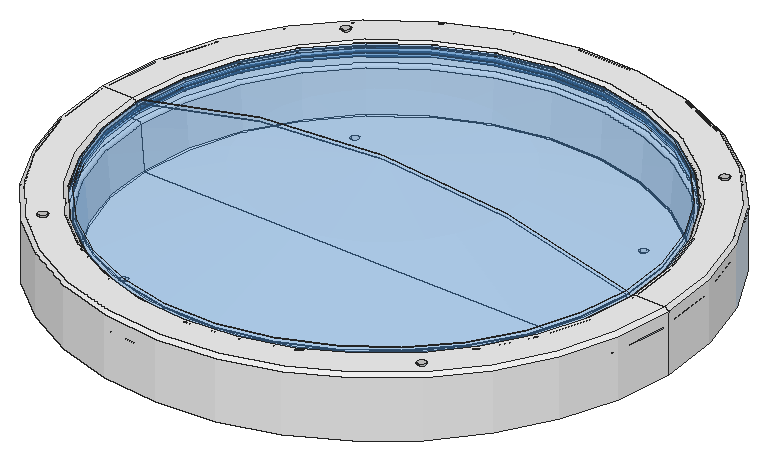
Revit family "BE_24230_de_DE", category Leuchten, Revit 2020
Family settings
  Basisbauteil = Fläche
  Bemaßung runder Anschluss = Durchmesser verwenden
  Teiletyp = Normal
  Beim Laden mit Abzugskörper schneiden = Ja
  Lichtquelle = Ja
  Gemeinsam genutzt = Nein
  Raumberechnungspunkt = Ja
Parameters (values of type "BEGA_24230_Weiß_K4")
  built-in parameter 1150104 = 12.979 (stored number, unit not read)
  Wattage = 48.4 W
  Default Elevation = 0 mm
  built-in parameter 1150113 = 1 (stored number, unit not read)
  built-in parameter 1114218 = 1 (stored number, unit not read)
  Umgebungstemperatur = "25 °C"
  URL = "https://www.bega.com/de/produkt/24230"
  Typenkommentare = "© 2022 BEGA. Wir behalten uns das Recht vor, technische Änderungen ohne vorherige Ankündigung vorzunehmen."  # constant formula
  Type Image = 24230.png
  built-in parameter 1150134 = 12
  built-in parameter 1150109 = 1 (stored number, unit not read)
  Strom = ""
  built-in parameter 1150110 = 1 (stored number, unit not read)
  Spannung = 239.996 V
  Sonderanfertigung = no
  Seriennummer [instance] = "Hier können Sie die eindeutige Seriennummer für das Facility Management eintragen."
  Schutzklasse = "I"
  Schutzart = "IP 65"
  Scheinlast = 0 VA
  Produktdatenblatt = "https://cdn.bega.com/bega/products/24230AK3/current/documents/data-sheets/de"
  Oberflächentemperatur = ""
  Neigungswinkel = 0.00°
  Modell = "24230WK4"
  Material_17 = BEGA_Reflektor
  Material_15 = BEGA_Leuchtmedium_matt
  Material_13 = BEGA_Kunststoff_matt
  Material_11 = BEGA_Glas_opal
  Material_09 = BEGA_Glas_klar
  Material_06 = BEGA_Oberfläche_Edelstahl_gebürstet
  Material_03 = BEGA_Oberfläche_Weiss_matt
  Material_02 = BEGA_Oberfläche_Silber_matt
  Material_01 [instance] = BEGA_Oberfläche_Grafit_matt
  M_W = yes
  M_G = no
  M_A = no
  Logo = 0
  built-in parameter 1114217 = 1 (stored number, unit not read)
  built-in parameter 1150139 = (empty or 0)
  built-in parameter 1150105 = 2300.4 (stored number, unit not read)
  built-in parameter 1150114 = 1 (stored number, unit not read)
  Lumens = 6761.48 lm
  built-in parameter 1150115 = 1 (stored number, unit not read)
  Leuchtenlichtstrom = "6610 lm"
  Leuchtenanzahl = ""
  Lebensdauerkriterien = "L70B50 @ 25 °C = 200000 h"
  Lastklassifizierung = Beleuchtung
  built-in parameter 1150112 = 1 (stored number, unit not read)
  Lampenlichtstrom = "8660 lm"
  Lampe = "LED 47.2 W"
  LED_Modulbezeichnung = "4x LED-0567/840"
  built-in parameter 1150142 = (empty or 0)
  Hersteller = "BEGA"  # constant formula
  Halbstreuwinkel = ""
  Gewicht = "9.4 kg"
  Gebrauchslageneinschränkung [instance] = ""
  Frequenz = "0/50-60 Hz"
  Farbwiedergabeindex = "CRI > 80"
  Farbtemperaturverschiebung bei Dämpfen der Lampe = <Keine Auswahl>
  Farbtemperatur = "4000 K"
  Color Filter = 16777215
  built-in parameter 1150133 = 10 (stored number, unit not read)
  Energieeffizienzklasse = "LED A++ - A"
  built-in parameter 1150137 = (empty or 0)
  built-in parameter 1150132 = (empty or 0)
  ENEC = "ja"
  Dimmbar [instance] = "DALI"
  Datei für fotometrisches Netz = "BE_24230K4.IES"
  CE_Konformität = "ja"
  Bestellnummer = "24230WK4"
  Beschreibung_Sonderanfertigung = "Hier können Sie Informationen zur Sonderanfertigung eintragen."
  Beschreibung = "Großflächenleuchte"
  built-in parameter 1150106 = 23.004 (stored number, unit not read)
  Befestigungsbohrung = "Ø 9,2 mm"
  Befestigungsabstand = "340 x 340 mm"
  Ballwurfsicher = ""
  BEGA_Intern_aus = yes
  BEGA_Intern_an = yes
  BEGA_Intern_Konstruktion = yes
  BEGA_Intern = yes
  BEGA_IES = yes
  BEGA_Dummy = no
  Anschlussleitung = ""
  Anschlussleistung [instance] = "52.6 W"
  Anschlusskasten = ""
  built-in parameter 1150107 = 4000 (stored number, unit not read)
  built-in parameter 1150102 = (empty or 0)
  built-in parameter 1150138 = (empty or 0)
  Aktualisierung = "2022-05-18T04:00:07"
  Abstand_zur_angestrahlten_Fläche [instance] = ""
  AC/DC = "AC/DC"
Types (6, lengths in mm): name | built-in parameter 1150104 | Wattage | built-in parameter 1150134 | Modell | M_W | M_G | M_A | built-in parameter 1150105 | Lumens | Leuchtenlichtstrom | Lampenlichtstrom | LED_Modulbezeichnung | Farbtemperatur | Datei für fotometrisches Netz | Bestellnummer | built-in parameter 1150106 | built-in parameter 1150107
  BEGA_24230_Grafit_K3 | 12.979 (stored number, unit not read) | 48.4 W | (empty or 0) | "24230K3" | no | yes | no | 2300.4 (stored number, unit not read) | 6761.48 lm | "6519 lm" | "8540 lm" | "4x LED-0567/830" | "3000 K" | "BE_24230K3.IES" | "24230K3" | 23.004 (stored number, unit not read) | 3000 (stored number, unit not read)
  BEGA_24230_Weiß_K3 | 12.979 (stored number, unit not read) | 48.4 W | (empty or 0) | "24230WK3" | yes | no | no | 2300.4 (stored number, unit not read) | 6761.48 lm | "6519 lm" | "8540 lm" | "4x LED-0567/830" | "3000 K" | "BE_24230K3.IES" | "24230WK3" | 23.004 (stored number, unit not read) | 3000 (stored number, unit not read)
  BEGA_24230_Grafit_K4 | 13.8 (stored number, unit not read) | 0 W | 12 | "24230K4" | no | yes | no | (empty or 0) | 0 lm | "6610 lm" | "8660 lm" | "4x LED-0567/840" | "4000 K" | "BE_24230K4.IES" | "24230K4" | (empty or 0) | 4000 (stored number, unit not read)
  BEGA_24230_Silber_K4 | 12.979 (stored number, unit not read) | 48.4 W | 12 | "24230AK4" | no | no | yes | 2300.4 (stored number, unit not read) | 6761.48 lm | "6610 lm" | "8660 lm" | "4x LED-0567/840" | "4000 K" | "BE_24230K4.IES" | "24230AK4" | 23.004 (stored number, unit not read) | 4000 (stored number, unit not read)
  BEGA_24230_Weiß_K4 | 12.979 (stored number, unit not read) | 48.4 W | 12 | "24230WK4" | yes | no | no | 2300.4 (stored number, unit not read) | 6761.48 lm | "6610 lm" | "8660 lm" | "4x LED-0567/840" | "4000 K" | "BE_24230K4.IES" | "24230WK4" | 23.004 (stored number, unit not read) | 4000 (stored number, unit not read)
  BEGA_24230_Silber_K3 | 12.979 (stored number, unit not read) | 48.4 W | (empty or 0) | "24230AK3" | no | no | yes | 2300.4 (stored number, unit not read) | 6761.48 lm | "6519 lm" | "8540 lm" | "4x LED-0567/830" | "3000 K" | "BE_24230K3.IES" | "24230AK3" | 23.004 (stored number, unit not read) | 3000 (stored number, unit not read)
Reference planes
  plane 1 "Mitte (Vorne/Hinten)": y = 0
  plane 2: z = 0
  plane 3 "Mitte (Links/Rechts)": x = 0
  plane 4 "Links": x = -335
  plane 5 "Rechts": x = 335
  plane 6 "Unten": y = -335
  plane 7 "Oben": y = 335
  plane 8 "Vorne": z = 121.545
  plane 9 "Hinten": z = 0
Forms (mm)
  Extrusion 1, solid, material "BEGA_Platte_Weiss"
    sketch origin (0, -1119.2, 0) x (1, 0, 0) y (0, 1, 0)
      loop
        line (-200, 1319.2) -> (-200, 919.2) -> (200, 919.2) -> (200, 1319.2) -> (-200, 1319.2)
    from 0 to -10
  Extrusion 2, solid, material "BEGA_Dummy_matt", visible <- "BEGA_Dummy"
    sketch origin (77.149, -76.023, 0) x (1, 0, 0) y (0, 1, 0)
      loop
        circle (-77.149, 76.023) r 335
    from 0 to 121.545
Dimensions and locks
  plane 1 "Mitte (Vorne/Hinten)" to Extrusion 1 = 200 mm
  aligned and locked: plane 2 to Extrusion 1
  aligned and locked: level to Extrusion 1
Nested families
  nested 1: "BE_24230" at (0, 0, 0), type "BE_24230"
Connectors
  electrical at (0, 0, 0), driven by "Lastklassifizierung", driven by "Spannung", driven by "Scheinlast"
    settings: index 1, voltage 239.996 V, apparent load 0 VA, apparent load phase1 0 VA, apparent load phase2 0 VA, apparent load phase3 0 VA, power factor 1, load classification "Beleuchtung", number of poles 1, system type 31, power factor state 1, is connector primary yes, connector utility no, sub classification motor no, connector description ""
Definition of nested family "BE_24230"
  Parameters (values of type "BE_24230")
    Default Elevation = 1 mm
    URL = "http://www.bega.de/de/produkt"
    Type Comments = "© 2015 BEGA. Wir behalten uns das Recht vor, technische Änderungen ohne vorherige Ankündigung vorzunehmen. "  # constant formula
    Type Image = (empty or 0)
    Neigungswinkel_um_Z2 = 0.00°
    Neigungswinkel_um_Z1 = 0.00°
    Neigungswinkel_um_Y2 = 0.00°
    Neigungswinkel_um_Y1 = 0.00°
    Neigungswinkel_um_X2 = 0.00°
    Neigungswinkel_um_X1 = 0.00°
    Material_17 = none
    Material_15 = none
    Material_13 = none
    Material_11 = none
    Material_09 = none
    Material_06 = none
    Material_03 = none
    Material_02 = none
    Material_01 = none
    M_W = yes
    M_G = yes
    M_A = yes
    Länge_Platte = 800 mm  # constant formula
    Höhe_Platte = -10 mm  # constant formula
    Manufacturer = "BEGA"  # constant formula
    Drehwinkel_um_Z2 = 0.00°
    Drehwinkel_um_Z1 = 0.00°
    Breite_Platte = 800 mm  # constant formula
  Reference planes
    plane 1 "Mitte (Oben/Unten)": y = 0
    plane 2: z = 0
    plane 3 "Mitte (Links/Rechts)": x = 0
    plane 4: x = -335
    plane 5: x = 335
    plane 6: z = 121.545
    plane 7: y = -335
    plane 8: y = 335
  Forms (mm)
    Extrusion 1, solid, detail levels medium
      sketch origin (0, 0, 0) x (1, 0, 0) y (0, 1, 0)
        loop
          line (-400, 400) -> (-400, -400) -> (400, -400) -> (400, 400) -> (-400, 400)
      from 0 to -10 <- "Höhe_Platte"
    Revolve 2, solid, material <- "Material_01", visible <- "M_G", detail levels medium+fine
      sketch origin (0, 0, 0) x (1, 0, 0) y (0, 0, 1)
        loop
          arc (-330, 58.996) -> (-328.532, 55.461) -> (-324.996, 54) r 5
          line (-324.996, 54) -> (-290.164, 54)
          arc (-290.164, 54) -> (-289.505, 53.752) -> (-289.173, 53.131) r 1
          line (-289.173, 53.131) -> (-285.107, 6.651)
          arc (-285.107, 6.651) -> (-283.827, 4.054) -> (-281.13, 3) r 4
          line (-281.13, 3) -> (0, 3) -> (0, 6) -> (-281.124, 6)
          arc (-281.124, 6) -> (-281.798, 6.263) -> (-282.118, 6.913) r 1
          line (-282.118, 6.913) -> (-286.181, 53.349)
          arc (-286.181, 53.349) -> (-287.46, 55.946) -> (-290.157, 57) r 4
          line (-290.157, 57) -> (-325, 57)
          arc (-325, 57) -> (-326.414, 57.586) -> (-327, 59) r 2
          line (-327, 59) -> (-327, 61)
          arc (-327, 61) -> (-327.293, 61.707) -> (-328, 62) r 1
          line (-328, 62) -> (-329, 62)
          arc (-329, 62) -> (-329.707, 61.707) -> (-330, 61) r 1
          line (-330, 61) -> (-330, 58.996)
        axis (0, 3) -> (0, 62)
      angle from 0 to 360
    Revolve 3, solid, material <- "Material_01", visible <- "M_G", detail levels medium+fine
      sketch origin (0, 169.706, 0) x (1, 0, 0) y (0, 0, 1)
        loop
          arc (-190.877, 1.172) -> (-189.579, 0.304) -> (-188.049, 0) r 4
          line (-188.049, 0) -> (-169.706, 0) -> (-169.706, 3) -> (-194.362, 3)
          arc (-194.362, 3) -> (-192.84, 2.699) -> (-191.546, 1.841) r 4
          line (-191.546, 1.841) -> (-190.877, 1.172)
        axis (-169.706, 3) -> (-169.706, 0)
      angle from 0 to 360
    Extrusion 4, void
      sketch origin (0, 0, 0) x (1, 0, 0) y (0, 1, 0)
        loop
          circle (-169.706, 169.706) r 4.6
      from 0 to 12.357
    Revolve 5, solid, material <- "Material_01", visible <- "M_G", detail levels medium+fine
      sketch origin (0, 169.706, 0) x (-1, 0, 0) y (0, 0, -1)
        loop
          line (-190.877, -1.172) -> (-191.546, -1.841)
          arc (-191.546, -1.841) -> (-192.84, -2.699) -> (-194.362, -3) r 4
          line (-194.362, -3) -> (-169.706, -3) -> (-169.706, 0) -> (-188.049, 0)
          arc (-188.049, 0) -> (-189.579, -0.304) -> (-190.877, -1.172) r 4
        axis (-169.706, -3) -> (-169.706, 0)
      angle from 0 to 360
    Extrusion 6, void
      sketch origin (0, 0, 0) x (-1, 0, 0) y (0, -1, 0)
        loop
          circle (-169.706, -169.706) r 4.6
      from 0 to 12.357
    Revolve 7, solid, material <- "Material_01", visible <- "M_G", detail levels medium+fine
      sketch origin (0, -169.706, 0) x (1, 0, 0) y (0, 0, -1)
        loop
          line (-190.877, -1.172) -> (-191.546, -1.841)
          arc (-191.546, -1.841) -> (-192.84, -2.699) -> (-194.362, -3) r 4
          line (-194.362, -3) -> (-169.706, -3) -> (-169.706, 0) -> (-188.049, 0)
          arc (-188.049, 0) -> (-189.579, -0.304) -> (-190.877, -1.172) r 4
        axis (-169.706, -3) -> (-169.706, 0)
      angle from 0 to 360
    Extrusion 8, void
      sketch origin (0, 0, 0) x (1, 0, 0) y (0, 1, 0)
        loop
          circle (-169.706, -169.706) r 4.6
      from 0 to 12.357
    Revolve 9, solid, material <- "Material_01", visible <- "M_G", detail levels medium+fine
      sketch origin (0, -169.706, 0) x (-1, 0, 0) y (0, 0, 1)
        loop
          arc (-190.877, 1.172) -> (-189.579, 0.304) -> (-188.049, 0) r 4
          line (-188.049, 0) -> (-169.706, 0) -> (-169.706, 3) -> (-194.362, 3)
          arc (-194.362, 3) -> (-192.84, 2.699) -> (-191.546, 1.841) r 4
          line (-191.546, 1.841) -> (-190.877, 1.172)
        axis (-169.706, 3) -> (-169.706, 0)
      angle from 0 to 360
    Extrusion 10, void
      sketch origin (0, 0, 0) x (-1, 0, 0) y (0, -1, 0)
        loop
          circle (-169.706, 169.706) r 4.6
      from 0 to 12.357
    Revolve 11, solid, material <- "Material_01", visible <- "M_G", detail levels medium+fine
      sketch origin (0, 0, 0) x (1, 0, 0) y (0, 0, 1)
        loop
          line (-335, 74.926) -> (-335, 9) -> (-332, 9) -> (-332, 75)
          arc (-332, 75) -> (-331.707, 75.707) -> (-331, 76) r 1
          line (-331, 76) -> (-294.847, 75.988)
          arc (-294.847, 75.988) -> (-294.241, 75.651) -> (-294, 75) r 1
          line (-294, 75) -> (-294, 69.5) -> (-291, 69.5) -> (-291, 75) -> (-295, 79) -> (-330.926, 79) -> (-335, 74.926)
        axis (0, 9) -> (0, 79)
      angle from 0 to 360
    Revolve 12, solid, material <- "Material_13", detail levels medium+fine
      sketch origin (0, 0, 0) x (1, 0, 0) y (0, 0, 1)
        loop
          arc (0, 121.548) -> (-144.373, 111.07) -> (-285.722, 79.858) r 999.994
          arc (-285.722, 79.858) -> (-288.728, 77.811) -> (-290, 74.403) r 6
          line (-290, 74.403) -> (-290, 68.4)
          arc (-290, 68.4) -> (-290.586, 66.986) -> (-292, 66.4) r 2
          line (-292, 66.4) -> (-302, 66.4) -> (-302, 62.4) -> (-293, 62.4)
          arc (-293, 62.4) -> (-288.05, 64.453) -> (-286, 69.403) r 7
          line (-286, 69.403) -> (-286, 74.914)
          arc (-286, 74.914) -> (-285.786, 75.476) -> (-285.288, 75.813) r 1
          arc (-285.288, 75.813) -> (-144.162, 107.058) -> (0, 117.546) r 995.993
          line (0, 117.546) -> (0, 121.548)
        axis (0, 62.4) -> (0, 121.548)
      angle from 0 to 360
    Revolve 13, void
      sketch origin (0, 0, 27.13) x (1, 0, 0) y (0, 1, 0)
        loop
          line (246.242, -114.825) -> (244.425, -118.722) -> (280.031, -135.325) -> (281.848, -131.428) -> (246.242, -114.825)
        axis (246.242, -114.825) -> (281.848, -131.428)
      angle from 0 to 360
    Revolve 14, void
      sketch origin (-16.646, 23.773, 27.13) x (0.996195, 0.087156, 0) y (-0.087156, 0.996195, 0)
        loop
          line (235.001, -179.522) -> (232.534, -183.044) -> (264.716, -205.578) -> (267.182, -202.056) -> (235.001, -179.522)
        axis (235.001, -179.522) -> (267.182, -202.056)
      angle from 0 to 360
    Extrusion 15, void
      sketch origin (0, 0, 0) x (1, 0, 0) y (0, 1, 0)
        loop
          circle (222.739, 222.739) r 5.5
        loop
          circle (-222.739, 222.739) r 5.5
        loop
          circle (222.739, -222.739) r 5.5
        loop
          circle (-222.739, -222.739) r 5.5
      from 76.289 to 83.761
    Extrusion 16, solid, material <- "Material_06", detail levels fine
      sketch origin (0, 0, 0) x (1, 0, 0) y (0, 1, 0)
        loop
          circle (222.739, 222.739) r 4.5
        loop
          circle (-222.739, 222.739) r 4.5
        loop
          circle (222.739, -222.739) r 4.5
        loop
          circle (-222.739, -222.739) r 4.5
      from 76.289 to 80
    Revolve 17, solid, material <- "Material_02", visible <- "M_A", detail levels medium+fine
      sketch origin (0, 0, 0) x (1, 0, 0) y (0, 0, 1)
        loop
          arc (-330, 58.996) -> (-328.532, 55.461) -> (-324.996, 54) r 5
          line (-324.996, 54) -> (-290.164, 54)
          arc (-290.164, 54) -> (-289.505, 53.752) -> (-289.173, 53.131) r 1
          line (-289.173, 53.131) -> (-285.107, 6.651)
          arc (-285.107, 6.651) -> (-283.827, 4.054) -> (-281.13, 3) r 4
          line (-281.13, 3) -> (0, 3) -> (0, 6) -> (-281.124, 6)
          arc (-281.124, 6) -> (-281.798, 6.263) -> (-282.118, 6.913) r 1
          line (-282.118, 6.913) -> (-286.181, 53.349)
          arc (-286.181, 53.349) -> (-287.46, 55.946) -> (-290.157, 57) r 4
          line (-290.157, 57) -> (-325, 57)
          arc (-325, 57) -> (-326.414, 57.586) -> (-327, 59) r 2
          line (-327, 59) -> (-327, 61)
          arc (-327, 61) -> (-327.293, 61.707) -> (-328, 62) r 1
          line (-328, 62) -> (-329, 62)
          arc (-329, 62) -> (-329.707, 61.707) -> (-330, 61) r 1
          line (-330, 61) -> (-330, 58.996)
        axis (0, 3) -> (0, 62)
      angle from 0 to 360
    Revolve 18, solid, material <- "Material_02", visible <- "M_A", detail levels medium+fine
      sketch origin (0, 169.706, 0) x (1, 0, 0) y (0, 0, 1)
        loop
          arc (-190.877, 1.172) -> (-189.579, 0.304) -> (-188.049, 0) r 4
          line (-188.049, 0) -> (-169.706, 0) -> (-169.706, 3) -> (-194.362, 3)
          arc (-194.362, 3) -> (-192.84, 2.699) -> (-191.546, 1.841) r 4
          line (-191.546, 1.841) -> (-190.877, 1.172)
        axis (-169.706, 3) -> (-169.706, 0)
      angle from 0 to 360
    Revolve 19, solid, material <- "Material_02", visible <- "M_A", detail levels medium+fine
      sketch origin (0, 169.706, 0) x (-1, 0, 0) y (0, 0, -1)
        loop
          line (-190.877, -1.172) -> (-191.546, -1.841)
          arc (-191.546, -1.841) -> (-192.84, -2.699) -> (-194.362, -3) r 4
          line (-194.362, -3) -> (-169.706, -3) -> (-169.706, 0) -> (-188.049, 0)
          arc (-188.049, 0) -> (-189.579, -0.304) -> (-190.877, -1.172) r 4
        axis (-169.706, -3) -> (-169.706, 0)
      angle from 0 to 360
    Revolve 20, solid, material <- "Material_02", visible <- "M_A", detail levels medium+fine
      sketch origin (0, -169.706, 0) x (1, 0, 0) y (0, 0, -1)
        loop
          line (-190.877, -1.172) -> (-191.546, -1.841)
          arc (-191.546, -1.841) -> (-192.84, -2.699) -> (-194.362, -3) r 4
          line (-194.362, -3) -> (-169.706, -3) -> (-169.706, 0) -> (-188.049, 0)
          arc (-188.049, 0) -> (-189.579, -0.304) -> (-190.877, -1.172) r 4
        axis (-169.706, -3) -> (-169.706, 0)
      angle from 0 to 360
    Revolve 21, solid, material <- "Material_02", visible <- "M_A", detail levels medium+fine
      sketch origin (0, -169.706, 0) x (-1, 0, 0) y (0, 0, 1)
        loop
          arc (-190.877, 1.172) -> (-189.579, 0.304) -> (-188.049, 0) r 4
          line (-188.049, 0) -> (-169.706, 0) -> (-169.706, 3) -> (-194.362, 3)
          arc (-194.362, 3) -> (-192.84, 2.699) -> (-191.546, 1.841) r 4
          line (-191.546, 1.841) -> (-190.877, 1.172)
        axis (-169.706, 3) -> (-169.706, 0)
      angle from 0 to 360
    Revolve 22, solid, material <- "Material_03", visible <- "M_W", detail levels medium+fine
      sketch origin (0, 0, 0) x (1, 0, 0) y (0, 0, 1)
        loop
          arc (-330, 58.996) -> (-328.532, 55.461) -> (-324.996, 54) r 5
          line (-324.996, 54) -> (-290.164, 54)
          arc (-290.164, 54) -> (-289.505, 53.752) -> (-289.173, 53.131) r 1
          line (-289.173, 53.131) -> (-285.107, 6.651)
          arc (-285.107, 6.651) -> (-283.827, 4.054) -> (-281.13, 3) r 4
          line (-281.13, 3) -> (0, 3) -> (0, 6) -> (-281.124, 6)
          arc (-281.124, 6) -> (-281.798, 6.263) -> (-282.118, 6.913) r 1
          line (-282.118, 6.913) -> (-286.181, 53.349)
          arc (-286.181, 53.349) -> (-287.46, 55.946) -> (-290.157, 57) r 4
          line (-290.157, 57) -> (-325, 57)
          arc (-325, 57) -> (-326.414, 57.586) -> (-327, 59) r 2
          line (-327, 59) -> (-327, 61)
          arc (-327, 61) -> (-327.293, 61.707) -> (-328, 62) r 1
          line (-328, 62) -> (-329, 62)
          arc (-329, 62) -> (-329.707, 61.707) -> (-330, 61) r 1
          line (-330, 61) -> (-330, 58.996)
        axis (0, 3) -> (0, 62)
      angle from 0 to 360
    Revolve 23, solid, material <- "Material_03", visible <- "M_W", detail levels medium+fine
      sketch origin (0, 169.706, 0) x (1, 0, 0) y (0, 0, 1)
        loop
          arc (-190.877, 1.172) -> (-189.579, 0.304) -> (-188.049, 0) r 4
          line (-188.049, 0) -> (-169.706, 0) -> (-169.706, 3) -> (-194.362, 3)
          arc (-194.362, 3) -> (-192.84, 2.699) -> (-191.546, 1.841) r 4
          line (-191.546, 1.841) -> (-190.877, 1.172)
        axis (-169.706, 3) -> (-169.706, 0)
      angle from 0 to 360
    Revolve 24, solid, material <- "Material_03", visible <- "M_W", detail levels medium+fine
      sketch origin (0, 169.706, 0) x (-1, 0, 0) y (0, 0, -1)
        loop
          line (-190.877, -1.172) -> (-191.546, -1.841)
          arc (-191.546, -1.841) -> (-192.84, -2.699) -> (-194.362, -3) r 4
          line (-194.362, -3) -> (-169.706, -3) -> (-169.706, 0) -> (-188.049, 0)
          arc (-188.049, 0) -> (-189.579, -0.304) -> (-190.877, -1.172) r 4
        axis (-169.706, -3) -> (-169.706, 0)
      angle from 0 to 360
    Revolve 25, solid, material <- "Material_03", visible <- "M_W", detail levels medium+fine
      sketch origin (0, -169.706, 0) x (1, 0, 0) y (0, 0, -1)
        loop
          line (-190.877, -1.172) -> (-191.546, -1.841)
          arc (-191.546, -1.841) -> (-192.84, -2.699) -> (-194.362, -3) r 4
          line (-194.362, -3) -> (-169.706, -3) -> (-169.706, 0) -> (-188.049, 0)
          arc (-188.049, 0) -> (-189.579, -0.304) -> (-190.877, -1.172) r 4
        axis (-169.706, -3) -> (-169.706, 0)
      angle from 0 to 360
    Revolve 26, solid, material <- "Material_03", visible <- "M_W", detail levels medium+fine
      sketch origin (0, -169.706, 0) x (-1, 0, 0) y (0, 0, 1)
        loop
          arc (-190.877, 1.172) -> (-189.579, 0.304) -> (-188.049, 0) r 4
          line (-188.049, 0) -> (-169.706, 0) -> (-169.706, 3) -> (-194.362, 3)
          arc (-194.362, 3) -> (-192.84, 2.699) -> (-191.546, 1.841) r 4
          line (-191.546, 1.841) -> (-190.877, 1.172)
        axis (-169.706, 3) -> (-169.706, 0)
      angle from 0 to 360
    Revolve 27, solid, material <- "Material_02", visible <- "M_A", detail levels medium+fine
      sketch origin (0, 0, 0) x (1, 0, 0) y (0, 0, 1)
        loop
          line (-335, 74.926) -> (-335, 9) -> (-332, 9) -> (-332, 75)
          arc (-332, 75) -> (-331.707, 75.707) -> (-331, 76) r 1
          line (-331, 76) -> (-294.847, 75.988)
          arc (-294.847, 75.988) -> (-294.241, 75.651) -> (-294, 75) r 1
          line (-294, 75) -> (-294, 69.5) -> (-291, 69.5) -> (-291, 75) -> (-295, 79) -> (-330.926, 79) -> (-335, 74.926)
        axis (0, 9) -> (0, 79)
      angle from 0 to 360
    Revolve 28, solid, material <- "Material_03", visible <- "M_W", detail levels medium+fine
      sketch origin (0, 0, 0) x (1, 0, 0) y (0, 0, 1)
        loop
          line (-335, 74.926) -> (-335, 9) -> (-332, 9) -> (-332, 75)
          arc (-332, 75) -> (-331.707, 75.707) -> (-331, 76) r 1
          line (-331, 76) -> (-294.847, 75.988)
          arc (-294.847, 75.988) -> (-294.241, 75.651) -> (-294, 75) r 1
          line (-294, 75) -> (-294, 69.5) -> (-291, 69.5) -> (-291, 75) -> (-295, 79) -> (-330.926, 79) -> (-335, 74.926)
        axis (0, 9) -> (0, 79)
      angle from 0 to 360
  Cuts and joins
    Extrusion 4, Extrusion 6, Extrusion 8, Extrusion 10, Revolve 13, Revolve 14, Extrusion 15 cuts Revolve 2
    Extrusion 4, Extrusion 6, Extrusion 8, Extrusion 10, Revolve 13, Revolve 14, Extrusion 15 cuts Revolve 3
    Extrusion 6, Extrusion 10, Revolve 13, Revolve 14, Extrusion 15 cuts Revolve 5
    Extrusion 8, Revolve 13, Revolve 14, Extrusion 15 cuts Revolve 7
    Extrusion 10, Revolve 13, Revolve 14, Extrusion 15 cuts Revolve 9
    joined: Revolve 2, Revolve 3, Revolve 5, Revolve 7, Revolve 9
    Extrusion 15 cuts Revolve 11
    Extrusion 4, Extrusion 6, Extrusion 8, Extrusion 10, Revolve 13, Revolve 14 cuts Revolve 17
    Extrusion 4 cuts Revolve 18
    Extrusion 6 cuts Revolve 19
    Extrusion 8 cuts Revolve 20
    Extrusion 10 cuts Revolve 21
    joined: Revolve 17, Revolve 18, Revolve 19, Revolve 20, Revolve 21
    Extrusion 4, Extrusion 6, Extrusion 8, Extrusion 10, Revolve 13, Revolve 14 cuts Revolve 22
    Extrusion 4 cuts Revolve 23
    Extrusion 6 cuts Revolve 24
    Extrusion 8 cuts Revolve 25
    Extrusion 10 cuts Revolve 26
    joined: Revolve 22, Revolve 23, Revolve 24, Revolve 25, Revolve 26
    Extrusion 15 cuts Revolve 27
    Extrusion 15 cuts Revolve 28
  Dimensions and locks
    equal spacing: Extrusion 1 sketch curve, plane 3 "Mitte (Links/Rechts)", Extrusion 1 sketch curve
    equal spacing: Extrusion 1 sketch curve, plane 1 "Mitte (Oben/Unten)", Extrusion 1 sketch curve
    "Länge_Platte": Extrusion 1 sketch curve to Extrusion 1 sketch curve
    "Breite_Platte": Extrusion 1 sketch curve to Extrusion 1 sketch curve
    aligned and locked: Extrusion 1 to plane 2
    aligned and locked: level to Extrusion 1
  Automatic sketch dimensions
    Revolve 2 sketch curve to Revolve 2 sketch curve = 0 mm  (x17)
    Revolve 2 sketch curve to plane 3 "Mitte (Links/Rechts)" = 0 mm  (x2)
    level to Revolve 2 sketch curve = 7 mm
    Revolve 2 sketch curve to Revolve 2 sketch curve = 0.002 mm
    Revolve 2 sketch curve to Revolve 2 sketch curve = 0.006 mm
    Revolve 2 sketch curve to Revolve 2 sketch curve = 8.051 mm
    Revolve 2 sketch curve to Revolve 2 sketch curve = 0.984 mm
    Revolve 2 sketch curve to Revolve 2 sketch curve = 0.991 mm
    Revolve 2 sketch curve to Revolve 2 sketch curve = 0.001 mm
    Revolve 2 sketch curve to Revolve 2 sketch curve = 34.831 mm
    Revolve 2 sketch curve to Revolve 2 sketch curve = 0.004 mm
    Revolve 2 sketch curve to Revolve 2 sketch curve = 2 mm
    Revolve 2 sketch curve to Revolve 2 sketch curve = 1 mm  (x4)
    level to Revolve 2 sketch curve = 3 mm
    Revolve 2 sketch curve to Revolve 2 sketch curve = 46 mm
    Revolve 2 sketch curve to Revolve 2 sketch curve = 0.131 mm
    Revolve 2 sketch curve to Revolve 2 sketch curve = 3 mm
    Revolve 2 sketch curve to Revolve 2 sketch curve = 1.996 mm
    Revolve 2 sketch curve to Revolve 2 sketch curve = 2.004 mm
    Revolve 2 sketch curve to Revolve 2 sketch curve = 0.996 mm
    level to Revolve 2 sketch curve = 6.913 mm
    Revolve 2 sketch curve to Revolve 2 sketch curve = 2.989 mm
    level to Revolve 2 sketch curve = 6.651 mm
    Revolve 2 sketch curve to Revolve 2 sketch curve = 2.992 mm
    Revolve 3 sketch curve to level = 0 mm
    Revolve 3 sketch curve to level = 1 mm
    level to Revolve 3 sketch curve = 1.841 mm
    Revolve 3 sketch curve to Revolve 3 sketch curve = 2.816 mm
    Revolve 3 sketch curve to Revolve 3 sketch curve = 3.498 mm
    Revolve 3 sketch curve to Revolve 3 sketch curve = 18.343 mm
    Revolve 3 sketch curve to Revolve 3 sketch curve = 3 mm
    Revolve 3 sketch curve to Revolve 3 sketch curve = 4 mm
    Revolve 3 sketch curve to Revolve 3 sketch curve = 0 mm  (x3)
    level to Revolve 3 sketch curve = 1.172 mm
    Revolve 3 sketch curve to Revolve 3 sketch curve = 0.669 mm
    Revolve 3 sketch curve to level = 2 mm
    Revolve 3 sketch curve to Revolve 3 sketch curve = 2 mm
    Revolve 5 sketch curve to level = 0 mm
    Revolve 5 sketch curve to level = 1 mm
    level to Revolve 5 sketch curve = 1.841 mm
    Revolve 5 sketch curve to Revolve 5 sketch curve = 2.816 mm
    Revolve 5 sketch curve to Revolve 5 sketch curve = 3.498 mm
    Revolve 5 sketch curve to Revolve 5 sketch curve = 18.343 mm
    Revolve 5 sketch curve to Revolve 5 sketch curve = 3 mm
    Revolve 5 sketch curve to Revolve 5 sketch curve = 4 mm
    Revolve 5 sketch curve to Revolve 5 sketch curve = 0 mm  (x3)
    level to Revolve 5 sketch curve = 1.172 mm
    Revolve 5 sketch curve to Revolve 5 sketch curve = 0.669 mm
    Revolve 5 sketch curve to Revolve 5 sketch curve = 2 mm
    Revolve 5 sketch curve to level = 2 mm
    Revolve 7 sketch curve to level = 0 mm
    Revolve 7 sketch curve to level = 1 mm
    level to Revolve 7 sketch curve = 1.841 mm
    Revolve 7 sketch curve to Revolve 7 sketch curve = 2.816 mm
    Revolve 7 sketch curve to Revolve 7 sketch curve = 3.498 mm
    Revolve 7 sketch curve to Revolve 7 sketch curve = 18.343 mm
    Revolve 7 sketch curve to Revolve 7 sketch curve = 3 mm
    Revolve 7 sketch curve to Revolve 7 sketch curve = 4 mm
    Revolve 7 sketch curve to Revolve 7 sketch curve = 0 mm  (x3)
    level to Revolve 7 sketch curve = 1.172 mm
    Revolve 7 sketch curve to Revolve 7 sketch curve = 0.669 mm
    Revolve 7 sketch curve to Revolve 7 sketch curve = 2 mm
    Revolve 7 sketch curve to level = 2 mm
    Revolve 9 sketch curve to level = 0 mm
    Revolve 9 sketch curve to level = 1 mm
    level to Revolve 9 sketch curve = 1.841 mm
    Revolve 9 sketch curve to Revolve 9 sketch curve = 2.816 mm
    Revolve 9 sketch curve to Revolve 9 sketch curve = 3.498 mm
    Revolve 9 sketch curve to Revolve 9 sketch curve = 18.343 mm
    Revolve 9 sketch curve to Revolve 9 sketch curve = 3 mm
    Revolve 9 sketch curve to Revolve 9 sketch curve = 4 mm
    Revolve 9 sketch curve to Revolve 9 sketch curve = 0 mm  (x3)
    level to Revolve 9 sketch curve = 1.172 mm
    Revolve 9 sketch curve to Revolve 9 sketch curve = 0.669 mm
    Revolve 9 sketch curve to level = 2 mm
    Revolve 9 sketch curve to Revolve 9 sketch curve = 2 mm
    Revolve 11 sketch curve to plane 3 "Mitte (Links/Rechts)" = 0 mm
    Revolve 11 sketch curve to Revolve 11 sketch curve = 3 mm  (x3)
    Revolve 11 sketch curve to Revolve 11 sketch curve = 3.847 mm
    Revolve 11 sketch curve to Revolve 11 sketch curve = 0.153 mm  (x2)
    Revolve 11 sketch curve to Revolve 11 sketch curve = 35.926 mm
    Revolve 11 sketch curve to Revolve 11 sketch curve = 0.074 mm  (x2)
    Revolve 11 sketch curve to Revolve 11 sketch curve = 0 mm  (x3)
    level to Revolve 11 sketch curve = 9 mm
    Revolve 11 sketch curve to Revolve 11 sketch curve = 1 mm
    level to Revolve 11 sketch curve = 69.5 mm
    Revolve 11 sketch curve to Revolve 11 sketch curve = 5.426 mm
    Revolve 11 sketch curve to Revolve 11 sketch curve = 5.5 mm
    Revolve 11 sketch curve to Revolve 11 sketch curve = 0.988 mm
    level to Revolve 11 sketch curve = 29.5 mm
    Revolve 11 sketch curve to Revolve 11 sketch curve = 15 mm
    Revolve 11 sketch curve to Revolve 11 sketch curve = 0.012 mm  (x2)
    Revolve 12 sketch curve to plane 3 "Mitte (Links/Rechts)" = 0 mm  (x2)
    Revolve 12 sketch curve to Revolve 12 sketch curve = 0.994 mm
    Revolve 12 sketch curve to Revolve 12 sketch curve = 1.993 mm
    Revolve 12 sketch curve to Revolve 12 sketch curve = 4 mm  (x2)
    Revolve 12 sketch curve to Revolve 12 sketch curve = 2 mm  (x2)
    Revolve 12 sketch curve to Revolve 12 sketch curve = 1 mm  (x2)
    Revolve 12 sketch curve to Revolve 12 sketch curve = 9 mm
    plane 3 "Mitte (Links/Rechts)" to Revolve 12 sketch curve = 0 mm
    Revolve 12 sketch curve to Revolve 12 sketch curve = 0.006 mm
    Revolve 12 sketch curve to level = 878.447 mm
    Revolve 12 sketch curve to Revolve 12 sketch curve = 0 mm  (x7)
    level to Revolve 12 sketch curve = 62.4 mm
    Revolve 12 sketch curve to Revolve 12 sketch curve = 1.003 mm
    Revolve 12 sketch curve to Revolve 12 sketch curve = 4.706 mm
    Revolve 12 sketch curve to Revolve 12 sketch curve = 5 mm
    Revolve 12 sketch curve to Revolve 12 sketch curve = 0.747 mm
    Revolve 12 sketch curve to Revolve 12 sketch curve = 0.059 mm
    Revolve 12 sketch curve to Revolve 12 sketch curve = 4.002 mm
    Revolve 12 sketch curve to Revolve 12 sketch curve = 21.146 mm
    Revolve 12 sketch curve to Revolve 12 sketch curve = 14.852 mm
    Revolve 13 sketch curve to Revolve 13 sketch curve = 1.817 mm
    Revolve 13 sketch curve to Revolve 13 sketch curve = 35.606 mm
    Revolve 13 sketch curve to Revolve 13 sketch curve = 3.897 mm
    Revolve 13 sketch curve to Revolve 13 sketch curve = 14.241 mm
    Revolve 13 sketch curve to Revolve 13 sketch curve = 0 mm  (x2)
    Revolve 13 sketch curve to Revolve 13 sketch curve = 6.641 mm
    Revolve 14 sketch curve to Revolve 14 sketch curve = 2.466 mm
    Revolve 14 sketch curve to Revolve 14 sketch curve = 32.182 mm
    Revolve 14 sketch curve to Revolve 14 sketch curve = 19.012 mm
    Revolve 14 sketch curve to Revolve 14 sketch curve = 12.872 mm
    Revolve 14 sketch curve to Revolve 14 sketch curve = 0 mm  (x2)
    Revolve 14 sketch curve to Revolve 14 sketch curve = 9.013 mm
    Revolve 17 sketch curve to Revolve 17 sketch curve = 0 mm  (x17)
    Revolve 17 sketch curve to plane 3 "Mitte (Links/Rechts)" = 0 mm  (x2)
    level to Revolve 17 sketch curve = 7 mm
    Revolve 17 sketch curve to Revolve 17 sketch curve = 0.002 mm
    Revolve 17 sketch curve to Revolve 17 sketch curve = 0.006 mm
    Revolve 17 sketch curve to Revolve 17 sketch curve = 8.051 mm
    Revolve 17 sketch curve to Revolve 17 sketch curve = 0.984 mm
    Revolve 17 sketch curve to Revolve 17 sketch curve = 0.991 mm
    Revolve 17 sketch curve to Revolve 17 sketch curve = 0.001 mm
    Revolve 17 sketch curve to Revolve 17 sketch curve = 34.831 mm
    Revolve 17 sketch curve to Revolve 17 sketch curve = 0.004 mm
    Revolve 17 sketch curve to Revolve 17 sketch curve = 2 mm
    Revolve 17 sketch curve to Revolve 17 sketch curve = 1 mm  (x4)
    level to Revolve 17 sketch curve = 3 mm
    Revolve 17 sketch curve to Revolve 17 sketch curve = 46 mm
    Revolve 17 sketch curve to Revolve 17 sketch curve = 0.131 mm
    Revolve 17 sketch curve to Revolve 17 sketch curve = 3 mm
    Revolve 17 sketch curve to Revolve 17 sketch curve = 1.996 mm
    Revolve 17 sketch curve to Revolve 17 sketch curve = 2.004 mm
    Revolve 17 sketch curve to Revolve 17 sketch curve = 0.996 mm
    level to Revolve 17 sketch curve = 6.913 mm
    Revolve 17 sketch curve to Revolve 17 sketch curve = 2.989 mm
    level to Revolve 17 sketch curve = 6.651 mm
    Revolve 17 sketch curve to Revolve 17 sketch curve = 2.992 mm
    Revolve 18 sketch curve to level = 0 mm
    Revolve 18 sketch curve to level = 1 mm
    level to Revolve 18 sketch curve = 1.841 mm
    Revolve 18 sketch curve to Revolve 18 sketch curve = 2.816 mm
    Revolve 18 sketch curve to Revolve 18 sketch curve = 3.498 mm
    Revolve 18 sketch curve to Revolve 18 sketch curve = 18.343 mm
    Revolve 18 sketch curve to Revolve 18 sketch curve = 3 mm
    Revolve 18 sketch curve to Revolve 18 sketch curve = 4 mm
    Revolve 18 sketch curve to Revolve 18 sketch curve = 0 mm  (x3)
    level to Revolve 18 sketch curve = 1.172 mm
    Revolve 18 sketch curve to Revolve 18 sketch curve = 0.669 mm
    Revolve 18 sketch curve to level = 2 mm
    Revolve 18 sketch curve to Revolve 18 sketch curve = 2 mm
    Revolve 19 sketch curve to level = 0 mm
    Revolve 19 sketch curve to level = 1 mm
    level to Revolve 19 sketch curve = 1.841 mm
    Revolve 19 sketch curve to Revolve 19 sketch curve = 2.816 mm
    Revolve 19 sketch curve to Revolve 19 sketch curve = 3.498 mm
    Revolve 19 sketch curve to Revolve 19 sketch curve = 18.343 mm
    Revolve 19 sketch curve to Revolve 19 sketch curve = 3 mm
    Revolve 19 sketch curve to Revolve 19 sketch curve = 4 mm
    Revolve 19 sketch curve to Revolve 19 sketch curve = 0 mm  (x3)
    level to Revolve 19 sketch curve = 1.172 mm
    Revolve 19 sketch curve to Revolve 19 sketch curve = 0.669 mm
    Revolve 19 sketch curve to Revolve 19 sketch curve = 2 mm
    Revolve 19 sketch curve to level = 2 mm
    Revolve 20 sketch curve to level = 0 mm
    Revolve 20 sketch curve to level = 1 mm
    level to Revolve 20 sketch curve = 1.841 mm
    Revolve 20 sketch curve to Revolve 20 sketch curve = 2.816 mm
    Revolve 20 sketch curve to Revolve 20 sketch curve = 3.498 mm
    Revolve 20 sketch curve to Revolve 20 sketch curve = 18.343 mm
    Revolve 20 sketch curve to Revolve 20 sketch curve = 3 mm
    Revolve 20 sketch curve to Revolve 20 sketch curve = 4 mm
    Revolve 20 sketch curve to Revolve 20 sketch curve = 0 mm  (x3)
    level to Revolve 20 sketch curve = 1.172 mm
    Revolve 20 sketch curve to Revolve 20 sketch curve = 0.669 mm
    Revolve 20 sketch curve to Revolve 20 sketch curve = 2 mm
    Revolve 20 sketch curve to level = 2 mm
    Revolve 21 sketch curve to level = 0 mm
    Revolve 21 sketch curve to level = 1 mm
    level to Revolve 21 sketch curve = 1.841 mm
    Revolve 21 sketch curve to Revolve 21 sketch curve = 2.816 mm
    Revolve 21 sketch curve to Revolve 21 sketch curve = 3.498 mm
    Revolve 21 sketch curve to Revolve 21 sketch curve = 18.343 mm
    Revolve 21 sketch curve to Revolve 21 sketch curve = 3 mm
    Revolve 21 sketch curve to Revolve 21 sketch curve = 4 mm
    Revolve 21 sketch curve to Revolve 21 sketch curve = 0 mm  (x3)
    level to Revolve 21 sketch curve = 1.172 mm
    Revolve 21 sketch curve to Revolve 21 sketch curve = 0.669 mm
    Revolve 21 sketch curve to level = 2 mm
    Revolve 21 sketch curve to Revolve 21 sketch curve = 2 mm
    Revolve 22 sketch curve to Revolve 22 sketch curve = 0 mm  (x17)
    Revolve 22 sketch curve to plane 3 "Mitte (Links/Rechts)" = 0 mm  (x2)
    level to Revolve 22 sketch curve = 7 mm
    Revolve 22 sketch curve to Revolve 22 sketch curve = 0.002 mm
    Revolve 22 sketch curve to Revolve 22 sketch curve = 0.006 mm
    Revolve 22 sketch curve to Revolve 22 sketch curve = 8.051 mm
    Revolve 22 sketch curve to Revolve 22 sketch curve = 0.984 mm
    Revolve 22 sketch curve to Revolve 22 sketch curve = 0.991 mm
    Revolve 22 sketch curve to Revolve 22 sketch curve = 0.001 mm
    Revolve 22 sketch curve to Revolve 22 sketch curve = 34.831 mm
    Revolve 22 sketch curve to Revolve 22 sketch curve = 0.004 mm
    Revolve 22 sketch curve to Revolve 22 sketch curve = 2 mm
    Revolve 22 sketch curve to Revolve 22 sketch curve = 1 mm  (x4)
    level to Revolve 22 sketch curve = 3 mm
    Revolve 22 sketch curve to Revolve 22 sketch curve = 46 mm
    Revolve 22 sketch curve to Revolve 22 sketch curve = 0.131 mm
    Revolve 22 sketch curve to Revolve 22 sketch curve = 3 mm
    Revolve 22 sketch curve to Revolve 22 sketch curve = 1.996 mm
    Revolve 22 sketch curve to Revolve 22 sketch curve = 2.004 mm
    Revolve 22 sketch curve to Revolve 22 sketch curve = 0.996 mm
    level to Revolve 22 sketch curve = 6.913 mm
    Revolve 22 sketch curve to Revolve 22 sketch curve = 2.989 mm
    level to Revolve 22 sketch curve = 6.651 mm
    Revolve 22 sketch curve to Revolve 22 sketch curve = 2.992 mm
    Revolve 23 sketch curve to level = 0 mm
    Revolve 23 sketch curve to level = 1 mm
    level to Revolve 23 sketch curve = 1.841 mm
    Revolve 23 sketch curve to Revolve 23 sketch curve = 2.816 mm
    Revolve 23 sketch curve to Revolve 23 sketch curve = 3.498 mm
    Revolve 23 sketch curve to Revolve 23 sketch curve = 18.343 mm
    Revolve 23 sketch curve to Revolve 23 sketch curve = 3 mm
    Revolve 23 sketch curve to Revolve 23 sketch curve = 4 mm
    Revolve 23 sketch curve to Revolve 23 sketch curve = 0 mm  (x3)
    level to Revolve 23 sketch curve = 1.172 mm
    Revolve 23 sketch curve to Revolve 23 sketch curve = 0.669 mm
    Revolve 23 sketch curve to level = 2 mm
    Revolve 23 sketch curve to Revolve 23 sketch curve = 2 mm
    Revolve 24 sketch curve to level = 0 mm
    Revolve 24 sketch curve to level = 1 mm
    level to Revolve 24 sketch curve = 1.841 mm
    Revolve 24 sketch curve to Revolve 24 sketch curve = 2.816 mm
    Revolve 24 sketch curve to Revolve 24 sketch curve = 3.498 mm
    Revolve 24 sketch curve to Revolve 24 sketch curve = 18.343 mm
    Revolve 24 sketch curve to Revolve 24 sketch curve = 3 mm
    Revolve 24 sketch curve to Revolve 24 sketch curve = 4 mm
    Revolve 24 sketch curve to Revolve 24 sketch curve = 0 mm  (x3)
    level to Revolve 24 sketch curve = 1.172 mm
    Revolve 24 sketch curve to Revolve 24 sketch curve = 0.669 mm
    Revolve 24 sketch curve to Revolve 24 sketch curve = 2 mm
    Revolve 24 sketch curve to level = 2 mm
    Revolve 25 sketch curve to level = 0 mm
    Revolve 25 sketch curve to level = 1 mm
    level to Revolve 25 sketch curve = 1.841 mm
    Revolve 25 sketch curve to Revolve 25 sketch curve = 2.816 mm
    Revolve 25 sketch curve to Revolve 25 sketch curve = 3.498 mm
    Revolve 25 sketch curve to Revolve 25 sketch curve = 18.343 mm
    Revolve 25 sketch curve to Revolve 25 sketch curve = 3 mm
    Revolve 25 sketch curve to Revolve 25 sketch curve = 4 mm
    Revolve 25 sketch curve to Revolve 25 sketch curve = 0 mm  (x3)
    level to Revolve 25 sketch curve = 1.172 mm
    Revolve 25 sketch curve to Revolve 25 sketch curve = 0.669 mm
    Revolve 25 sketch curve to Revolve 25 sketch curve = 2 mm
    Revolve 25 sketch curve to level = 2 mm
    Revolve 26 sketch curve to level = 0 mm
    Revolve 26 sketch curve to level = 1 mm
    level to Revolve 26 sketch curve = 1.841 mm
    Revolve 26 sketch curve to Revolve 26 sketch curve = 2.816 mm
    Revolve 26 sketch curve to Revolve 26 sketch curve = 3.498 mm
    Revolve 26 sketch curve to Revolve 26 sketch curve = 18.343 mm
    Revolve 26 sketch curve to Revolve 26 sketch curve = 3 mm
    Revolve 26 sketch curve to Revolve 26 sketch curve = 4 mm
    Revolve 26 sketch curve to Revolve 26 sketch curve = 0 mm  (x3)
    level to Revolve 26 sketch curve = 1.172 mm
    Revolve 26 sketch curve to Revolve 26 sketch curve = 0.669 mm
    Revolve 26 sketch curve to level = 2 mm
    Revolve 26 sketch curve to Revolve 26 sketch curve = 2 mm
    Revolve 27 sketch curve to plane 3 "Mitte (Links/Rechts)" = 0 mm
    Revolve 27 sketch curve to Revolve 27 sketch curve = 3 mm  (x3)
    Revolve 27 sketch curve to Revolve 27 sketch curve = 3.847 mm
    Revolve 27 sketch curve to Revolve 27 sketch curve = 0.153 mm  (x2)
    Revolve 27 sketch curve to Revolve 27 sketch curve = 35.926 mm
    Revolve 27 sketch curve to Revolve 27 sketch curve = 0.074 mm  (x2)
    Revolve 27 sketch curve to Revolve 27 sketch curve = 0 mm  (x3)
    level to Revolve 27 sketch curve = 9 mm
    Revolve 27 sketch curve to Revolve 27 sketch curve = 1 mm
    level to Revolve 27 sketch curve = 69.5 mm
    Revolve 27 sketch curve to Revolve 27 sketch curve = 5.426 mm
    Revolve 27 sketch curve to Revolve 27 sketch curve = 5.5 mm
    Revolve 27 sketch curve to Revolve 27 sketch curve = 0.988 mm
    level to Revolve 27 sketch curve = 29.5 mm
    Revolve 27 sketch curve to Revolve 27 sketch curve = 15 mm
    Revolve 27 sketch curve to Revolve 27 sketch curve = 0.012 mm  (x2)
    Revolve 28 sketch curve to plane 3 "Mitte (Links/Rechts)" = 0 mm
    Revolve 28 sketch curve to Revolve 28 sketch curve = 3 mm  (x3)
    Revolve 28 sketch curve to Revolve 28 sketch curve = 3.847 mm
    Revolve 28 sketch curve to Revolve 28 sketch curve = 0.153 mm  (x2)
    Revolve 28 sketch curve to Revolve 28 sketch curve = 35.926 mm
    Revolve 28 sketch curve to Revolve 28 sketch curve = 0.074 mm  (x2)
    Revolve 28 sketch curve to Revolve 28 sketch curve = 0 mm  (x3)
    level to Revolve 28 sketch curve = 9 mm
    Revolve 28 sketch curve to Revolve 28 sketch curve = 1 mm
    level to Revolve 28 sketch curve = 69.5 mm
    Revolve 28 sketch curve to Revolve 28 sketch curve = 5.426 mm
    Revolve 28 sketch curve to Revolve 28 sketch curve = 5.5 mm
    Revolve 28 sketch curve to Revolve 28 sketch curve = 0.988 mm
    level to Revolve 28 sketch curve = 29.5 mm
    Revolve 28 sketch curve to Revolve 28 sketch curve = 15 mm
    Revolve 28 sketch curve to Revolve 28 sketch curve = 0.012 mm  (x2)
    Revolve 5 sketch curve to plane 5 = 140.638 mm
    plane 5 to Extrusion 6 sketch curve = 165.294 mm
    Revolve 9 sketch curve to plane 5 = 140.638 mm
    Extrusion 10 sketch curve to plane 5 = 165.294 mm
    Revolve 13 sketch curve to plane 5 = 90.575 mm
    Revolve 14 sketch curve to plane 5 = 104.043 mm
    Extrusion 15 sketch curve to plane 5 = 112.261 mm  (x2)
    Extrusion 16 sketch curve to plane 5 = 112.261 mm  (x2)
    Revolve 19 sketch curve to plane 5 = 140.638 mm
    Revolve 21 sketch curve to plane 5 = 140.638 mm
    Revolve 24 sketch curve to plane 5 = 140.638 mm
    Revolve 26 sketch curve to plane 5 = 140.638 mm
    Revolve 2 sketch curve to plane 4 = 53.878 mm
    Revolve 3 sketch curve to plane 4 = 140.638 mm
    Extrusion 4 sketch curve to plane 4 = 165.294 mm
    Revolve 7 sketch curve to plane 4 = 140.638 mm
    plane 4 to Extrusion 8 sketch curve = 165.294 mm
    plane 4 to Revolve 11 sketch curve = 0 mm
    Revolve 12 sketch curve to plane 4 = 50.993 mm
    Extrusion 15 sketch curve to plane 4 = 112.261 mm  (x2)
    Extrusion 16 sketch curve to plane 4 = 112.261 mm  (x2)
    Revolve 17 sketch curve to plane 4 = 53.878 mm
    Revolve 18 sketch curve to plane 4 = 140.638 mm
    Revolve 20 sketch curve to plane 4 = 140.638 mm
    Revolve 22 sketch curve to plane 4 = 53.878 mm
    Revolve 23 sketch curve to plane 4 = 140.638 mm
    Revolve 25 sketch curve to plane 4 = 140.638 mm
    plane 4 to Revolve 27 sketch curve = 0 mm
    plane 4 to Revolve 28 sketch curve = 0 mm
    Revolve 12 sketch curve to plane 6 = 3.999 mm
    plane 8 to Extrusion 4 sketch curve = 165.294 mm
    Extrusion 6 sketch curve to plane 8 = 165.294 mm
    plane 8 to Extrusion 15 sketch curve = 112.261 mm  (x2)
    plane 8 to Extrusion 16 sketch curve = 112.261 mm  (x2)
    Extrusion 8 sketch curve to plane 7 = 165.294 mm
    plane 7 to Extrusion 10 sketch curve = 165.294 mm
    plane 1 "Mitte (Oben/Unten)" to Revolve 13 sketch curve = 135.325 mm
    plane 1 "Mitte (Oben/Unten)" to Revolve 14 sketch curve = 138.308 mm
    plane 7 to Extrusion 15 sketch curve = 112.261 mm  (x2)
    plane 7 to Extrusion 16 sketch curve = 112.261 mm  (x2)
    radius of Extrusion 4 sketch curve = 4.6 mm
    radius of Extrusion 6 sketch curve = 4.6 mm
    radius of Extrusion 8 sketch curve = 4.6 mm
    radius of Extrusion 10 sketch curve = 4.6 mm
    radius of Extrusion 15 sketch curve = 5.5 mm  (x4)
    radius of Extrusion 16 sketch curve = 4.5 mm  (x4)
